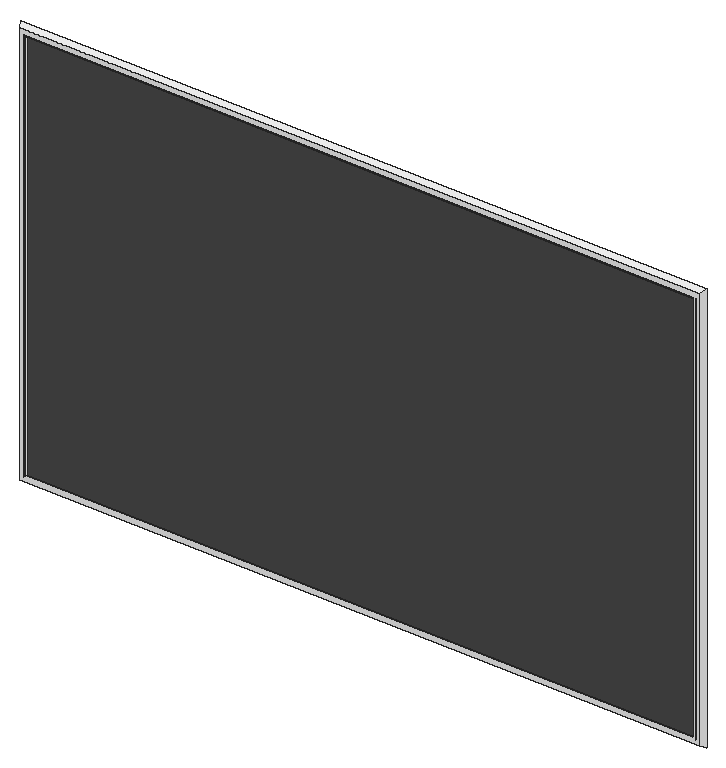
Revit family "Телевизор 42", category Оборудование, Revit 2017
Family settings
  Размер круглого соединителя = Использовать диаметр
  Тип детали = Нормальный
  На основе рабочей плоскости = Нет
  Всегда вертикально = Да
  При загрузке вырезать с полостями = Нет
  Общий = Нет
  Точка расчета площади = Нет
Parameters (values of type "На настенном кронштейне")
  Подставка = no
  Общ_Ширина = 1023.0 mm
  Общ_Тип, марка = ""
  Общ_Примечание = ""
  Общ_Поставщик = ""
  Общ_Позиция = ""
  Общ_Напряжение = 220 V
  Общ_Наименование = "ЖК-телевизор 42'' в комплекте с настенным кронштейном"
  Общ_Мощность номинальная = 150 W
  Общ_Масса = "10"
  Общ_Код продукции = ""
  Общ_Задание = "СС, ЭМ"
  Общ_Единицы измерения = "компл."
  Общ_Глубина = 60.0 mm
  Общ_Высота = 635.0 mm
  Keynote = ""
  Изготовитель = "Severin"
  Группа модели = "ТХ"  # constant formula
Types (2, lengths in mm): name | Подставка | Общ_Наименование | Общ_Единицы измерения | Изготовитель
  На настенном кронштейне | no | "ЖК-телевизор 42'' в комплекте с настенным кронштейном" | "компл." | "Severin"
  На подставке | yes | "ЖК-телевизор 42\"" | "шт." | 0.0
Reference planes
  plane 1 "По центру (Вперед/Назад)": y = 0
  plane 2: z = 0
  plane 3 "По центру (Влево/Вправо)": x = 0
  plane 4: x = -511.5
  plane 5: x = 511.5
  plane 6: y = 30
  plane 7: y = -30
  plane 8: z = 635
Forms (mm)
  Extrusion 1, solid, material "TV Screen material", detail levels medium+fine
    sketch origin (125, -13, -1294.574) x (1, 0, 0) y (0, 0, 1)
      loop
        line (-656.5, 2014.5) -> (-656.5, 1385.5) -> (406.5, 1385.5) -> (406.5, 2014.5) -> (-656.5, 2014.5)
    from 0 to 16
  Blend 2, solid, material "TV Body material", detail levels medium+fine
    base sketch origin (125, 9, -1294.574) x (1, 0, 0) y (0, 0, 1)
      loop
        arc (-292.167, 1700) -> (-299.238, 1697.071) -> (-302.167, 1690) r 10
        line (-302.167, 1690) -> (-302.167, 1435.5)
        arc (-302.167, 1435.5) -> (-299.238, 1428.429) -> (-292.167, 1425.5) r 10
        line (-292.167, 1425.5) -> (42.167, 1425.5)
        arc (42.167, 1425.5) -> (49.238, 1428.429) -> (52.167, 1435.5) r 10
        line (52.167, 1435.5) -> (52.167, 1690)
        arc (52.167, 1690) -> (49.238, 1697.071) -> (42.167, 1700) r 10
        line (42.167, 1700) -> (-292.167, 1700)
    top sketch origin (125, 9, -1294.574) x (1, 0, 0) y (0, 0, 1)
      loop
        arc (-616.5, 1994.5) -> (-630.642, 1988.642) -> (-636.5, 1974.5) r 20
        line (-636.5, 1974.5) -> (-636.5, 1415.5)
        arc (-636.5, 1415.5) -> (-633.571, 1408.429) -> (-626.5, 1405.5) r 10
        line (-626.5, 1405.5) -> (376.5, 1405.5)
        arc (376.5, 1405.5) -> (383.571, 1408.429) -> (386.5, 1415.5) r 10
        line (386.5, 1415.5) -> (386.5, 1974.5)
        arc (386.5, 1974.5) -> (380.642, 1988.642) -> (366.5, 1994.5) r 20
        line (366.5, 1994.5) -> (-616.5, 1994.5)
    from 0 to 22
  Extrusion 3, void
    sketch origin (125, 9, -1294.574) x (1, 0, 0) y (0, 0, 1)
      loop
        line (-257.167, 1552.75) -> (-257.167, 1385.5) -> (7.167, 1385.5) -> (7.167, 1552.75) -> (-257.167, 1552.75)
    from 0 to 16
  Sweep 4, solid, material "TV Frame material", detail levels medium+fine
    path origin (125, -13, -1294.574) x (1, 0, 0) y (0, 0, 1)
      loop
        line (-656.5, 2014.5) -> (-656.5, 1385.5) -> (406.5, 1385.5) -> (406.5, 2014.5) -> (-656.5, 2014.5)
    profile origin (0, -13, 719.926) x (0, 0, 1) y (0, -1, 0)
      loop
        line (-8.144, 0) -> (-6.442, -1) -> (2.07, -1) -> (10.926, 8.496) -> (6.029, 17) -> (-3.004, 17) -> (-4.323, 16) -> (0, 16) -> (0, 0) -> (-8.144, 0)
  Revolve 5, void
    sketch origin (-127.913, -1, -1294.574) x (0, 0, -1) y (1, 0, 0)
      loop
        line (-1437.5, 281.903) -> (-1437.5, 277.903) -> (-1405.5, 277.903) -> (-1405.5, 281.903) -> (-1437.5, 281.903)
      axis (-1405.5, 281.903) -> (-1437.5, 281.903)
    angle from 0 to 360
  Revolve 6, void
    sketch origin (-139.909, -1, -1294.574) x (0, 0, -1) y (1, 0, 0)
      loop
        line (-1437.5, 281.903) -> (-1437.5, 277.903) -> (-1405.5, 277.903) -> (-1405.5, 281.903) -> (-1437.5, 281.903)
      axis (-1405.5, 281.903) -> (-1437.5, 281.903)
    angle from 0 to 360
  Revolve 7, void
    sketch origin (-115.831, -1, -1294.574) x (0, 0, -1) y (1, 0, 0)
      loop
        line (-1437.5, 281.903) -> (-1437.5, 277.903) -> (-1405.5, 277.903) -> (-1405.5, 281.903) -> (-1437.5, 281.903)
      axis (-1405.5, 281.903) -> (-1437.5, 281.903)
    angle from 0 to 360
  Extrusion 8, solid, material "TV Frame material", visible <- "Подставка"
    sketch origin (-0.008, -17.256, 135) x (0, 1, 0) y (-1, 0, 0)
      loop
        circle (31, 0) r 15
    from 123.176 to -120
  Extrusion 9, solid, material "TV Frame material", visible <- "Подставка"
    sketch origin (-0.008, 28.744, 135) x (0, 1, 0) y (-1, 0, 0)
      loop
        circle (-40.775, -0.379) r 120
    from -120 to -135
Cuts and joins
  Extrusion 3, Revolve 5, Revolve 6, Revolve 7 cuts Blend 2
Lines and regions (mm)
  symbolic lines, detail levels coarse+medium
    curve 1: line (511.5, -30, 0) -> (-511.5, -30, 0)
    curve 2: line (511.5, 30, 0) -> (511.5, -30, 0)
    curve 3: line (-511.5, 30, 0) -> (511.5, 30, 0)
    curve 4: line (-511.5, -30, 0) -> (-511.5, 30, 0)
    curve 5: line (-13.163, -30, 0) -> (0, -11.201, 0)
    curve 6: line (13.163, -30, 0) -> (0, -11.201, 0)
  model lines, detail levels coarse+medium
    curve 7: line (0.371, 0, 0) -> (0.371, 0, -1000)
Dimensions and locks
  equal spacing: plane 4, plane 3 "По центру (Влево/Вправо)", plane 5
  "Общ_Ширина": plane 4 to plane 5
  equal spacing: plane 6, plane 1 "По центру (Вперед/Назад)", plane 7
  "Общ_Глубина": plane 6 to plane 7
  "Общ_Высота": plane 8 to plane 2
  Revolve 5 sketch curve to Revolve 5 sketch curve = 4.0 mm
  Revolve 6 sketch curve to Revolve 6 sketch curve = 4.0 mm
  Revolve 7 sketch curve to Revolve 7 sketch curve = 4.0 mm
  radius of Blend 2 sketch curve = 10.0 mm  (x6)
  radius of Blend 2 sketch curve = 20.0 mm  (x2)
  aligned and locked: level to plane 2
  aligned and locked: Revolve 5 sketch curve to Revolve 5 sketch curve
  aligned and locked: Revolve 6 sketch curve to Revolve 6 sketch curve
  aligned and locked: Revolve 7 sketch curve to Revolve 7 sketch curve
Automatic sketch dimensions
  curve 5 to plane 3 "По центру (Влево/Вправо)" = 0.0 mm
  plane 7 to curve 5 = 18.799 mm
  curve 5 to plane 3 "По центру (Влево/Вправо)" = 13.163 mm
  plane 3 "По центру (Влево/Вправо)" to curve 6 = 13.163 mm
  curve 1 to plane 4 = 0.0 mm
  curve 2 to plane 5 = 0.0 mm
  curve 1 to plane 7 = 0.0 mm
  curve 3 to plane 6 = 0.0 mm
  Extrusion 1 sketch curve to plane 4 = 20.0 mm
  plane 5 to Extrusion 1 sketch curve = 20.0 mm
  Extrusion 1 sketch curve to plane 8 = 544.074 mm
  Extrusion 1 sketch curve to Extrusion 1 sketch curve = 629.0 mm
  Extrusion 3 sketch curve to plane 3 "По центру (Влево/Вправо)" = 132.167 mm
  Extrusion 3 sketch curve to plane 5 = 379.333 mm
  Extrusion 3 sketch curve to plane 8 = 544.074 mm
  Extrusion 3 sketch curve to Extrusion 3 sketch curve = 167.25 mm
  Sweep 4 sketch curve to plane 4 = 20.0 mm
  plane 5 to Sweep 4 sketch curve = 20.0 mm
  Sweep 4 sketch curve to plane 8 = 544.074 mm
  Sweep 4 sketch curve to Sweep 4 sketch curve = 629.0 mm
  Sweep 4 sketch curve to profile plane = 0.0 mm
  profile plane to Sweep 4 sketch curve = 0.0 mm
  profile plane to Sweep 4 sketch curve = 3.004 mm
  Sweep 4 sketch curve to Sweep 4 sketch curve = 1.319 mm
  Sweep 4 sketch curve to profile plane = 1.0 mm
  profile plane to Sweep 4 sketch curve = 6.442 mm
  Sweep 4 sketch curve to Sweep 4 sketch curve = 1.702 mm
  Sweep 4 sketch curve to profile plane = 2.07 mm
  Sweep 4 sketch curve to profile plane = 6.029 mm
  Sweep 4 sketch curve to Sweep 4 sketch curve = 4.897 mm
  profile plane to Sweep 4 sketch curve = 8.496 mm
  profile plane to Sweep 4 sketch curve = 16.0 mm
  Sweep 4 sketch curve to Sweep 4 sketch curve = 1.0 mm
  level to Revolve 5 sketch curve = 142.926 mm
  level to Revolve 5 sketch curve = 110.926 mm
  plane 3 "По центру (Влево/Вправо)" to Revolve 5 sketch curve = 149.99 mm
  Revolve 5 sketch curve to Revolve 5 sketch curve = 11.856 mm
  level to Revolve 5 sketch curve = 37.07 mm
  level to Revolve 6 sketch curve = 142.926 mm
  level to Revolve 6 sketch curve = 110.926 mm
  plane 3 "По центру (Влево/Вправо)" to Revolve 6 sketch curve = 137.994 mm
  Revolve 6 sketch curve to Revolve 6 sketch curve = 11.856 mm
  level to Revolve 6 sketch curve = 37.07 mm
  level to Revolve 7 sketch curve = 142.926 mm
  level to Revolve 7 sketch curve = 110.926 mm
  plane 3 "По центру (Влево/Вправо)" to Revolve 7 sketch curve = 162.072 mm
  Revolve 7 sketch curve to Revolve 7 sketch curve = 11.856 mm
  level to Revolve 7 sketch curve = 37.07 mm
  level to Blend 2 sketch curve = 140.926 mm
  Blend 2 sketch curve to plane 3 "По центру (Влево/Вправо)" = 177.167 mm
  plane 3 "По центру (Влево/Вправо)" to Blend 2 sketch curve = 167.167 mm
  Blend 2 sketch curve to Blend 2 sketch curve = 254.5 mm
  Blend 2 sketch curve to plane 4 = 0.0 mm
  Blend 2 sketch curve to plane 5 = 0.0 mm
  level to Blend 2 sketch curve = 110.926 mm
  plane 8 to Blend 2 sketch curve = 44.926 mm
  Extrusion 8 sketch curve to plane 3 "По центру (Влево/Вправо)" = 0.008 mm
  Extrusion 8 sketch curve to plane 6 = 16.256 mm
  plane 3 "По центру (Влево/Вправо)" to Extrusion 9 sketch curve = 0.371 mm
  Extrusion 9 sketch curve to plane 6 = 42.031 mm
  curve 7 to level = 0.0 mm
  plane 3 "По центру (Влево/Вправо)" to curve 7 = 0.371 mm
  curve 7 to level = 1000.0 mm
  radius of Extrusion 8 sketch curve = 15.0 mm
  radius of Extrusion 9 sketch curve = 120.0 mm
Connectors
  electrical at (166.072, -1, 121.835), driven by "Общ_Напряжение", driven by "Общ_Мощность номинальная"
    settings: on cut or joined group of Blend 2, Extrusion 3, Revolve 5, Revolve 6, Revolve 7, index 1, voltage 220 V, apparent load 150 VA, apparent load phase1 0 VA, apparent load phase2 0 VA, apparent load phase3 0 VA, power factor 1, load classification "Прочее", number of poles 1, system type 30, power factor state 1, is connector primary yes, connector utility no, sub classification motor no, connector description ""
